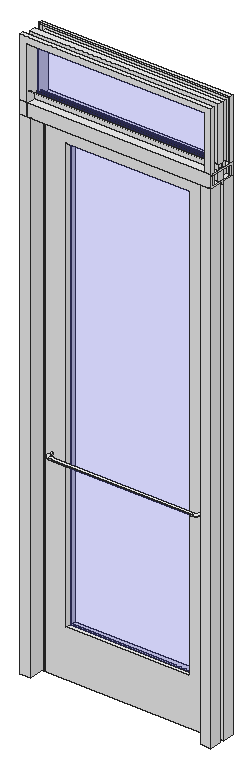
Revit family "kawneer-360_insulclad-sgl_tran-fr_20627", category Doors, host Wall, Revit 2015
Parameters
  Water - Static (ASTM E 331) = "product not tested"
  URL = "http://www.kawneer.com/kawneer/north_america/en/product.asp?prod_id=1821"
  Type of Glazing = "insulating"
  Type Comments = "Medium Stile Insulated Swing Door"
  Thermal Transmittance = "< 0.67 BTU/hr/sf/F"
  Sub Category3 = ""
  Sub Category2 = ""
  Sub Category1 = ""
  Sightline = 0"
  Short Description = "Medium Stile Insulated Swing Door"
  Product data url = "https://bimobject.com/kawneerna/product/20617"
  Panel Inserts Material = Glass
  Overall U-Factor = "product not tested"
  Model = "360 Insulclad®"
  Manufacturer Part Number = "360 Insulclad®"
  Manufacturer = "Kawneer"
  Keywords = "Entrance, Door, Swing Door, Thermally Broken"
  Hurricane Resistant Tested [instance] = "product not tested"
  Hinging Types = "Offset Pivot, Butt Hinge, Continuous Gear Hinge"
  Height = Door Panel Height + 12"  # 96"
  Wall Closure = By host
  Width = 32"
  Glazing Thickness = 0"
  Glass U-Factor = "product not tested"
  Glass Installtion = "outside"
  Glass Capture = "Captured"
  Function (Interior or Exterior) = "Exterior"
  Function = Interior
  Frame Material = Aluminum - ASTM B 221 - 6063-T6 alloy and temper
  Door Panel Width = Width - (1 1/8" * 2)  # 29 3/4"
  Door Panel Material = Aluminum - ASTM B 221 - 6063-T6 alloy and temper
  Door Panel Height = 84"
  Door Opening = Door Panel Width  # 29 3/4"
  Door Corner Construction = "Welded"
  Design Pressure = "n/a"
  Design Load = "n/a"
  Description = "The \"360 Insulclad\" is a narrow stile entrance door that is thermally broken and features the dual moment corner construction."
  Depth = 2"
  Color = "any"
  Cladding Type = "Aluminum - ASTM B 221 - 6063-T6 alloy and temper"
  CSI Masterformat Code = "08 41 13"
  Assembly Code = "B2030110"
  Application = "moderate traffic, thermal"
  Air Infiltration (ASTM E 283) = "< 0.50 cfm/ft2  @ 6.24 psf (300 Pa), Single Doors,"
  2-Color Option = "yes"
Reference planes
  plane 1 "Centre Wall": y = 0
  plane 2 "Center (Left/Right)": x = 0
  plane 3 "Left": x = -406.4
  plane 4 "Right": x = 406.4
  plane 5: z = 2438.4
  plane 6 "Exterior": y = 75
  plane 7 "Interior": y = -75
  plane 8: z = 2133.6
  plane 9: x = -355.6
  plane 10: x = 355.6
Forms (mm)
  Sweep 1, solid, material "Aluminum - ASTM B 221 - 6063-T6 alloy and temper" <- "Door Panel Material"
    path origin (0, 0, 50.8) x (1, 0, 0) y (0, 0, 1)
      loop
        line (406.4, 2133.6) -> (-406.4, 2133.6)
    profile "TLMidFrame : TLMidFrame" origin (0, 0, 2184.4) x (0, 0, -1) y (0, -1, 0)
      loop
        line (5, 52.15) -> (5, -52.15) -> (45.8, -52.15) -> (45.8, 52.15) -> (5, 52.15)
      loop
        arc (-13.041, -8.796) -> (-14.742, -11.787) -> (-17.973, -12.971) r 5
        line (-17.973, -12.971) -> (-17.973, -14.55) -> (0, -14.55) -> (0, -5.272)
        arc (0, -5.272) -> (-6.307, -7.826) -> (-13.041, -8.796) r 28.226
      loop
        arc (-17.973, 10.971) -> (-14.973, 7.971) -> (-17.973, 4.971) r 3
        line (-17.973, 4.971) -> (-17.973, 3)
        arc (-17.973, 3) -> (-14.756, 4.043) -> (-12.781, 6.788) r 5.429
        arc (-12.781, 6.788) -> (-6.143, 5.7) -> (0, 2.959) r 26.226
        line (0, 2.959) -> (0, -2.959)
        arc (0, -2.959) -> (-6.143, -5.7) -> (-12.781, -6.788) r 26.226
        arc (-12.781, -6.788) -> (-14.756, -4.043) -> (-17.973, -3) r 5.429
        line (-17.973, -3) -> (-17.973, -4.971)
        arc (-17.973, -4.971) -> (-14.973, -7.971) -> (-17.973, -10.971) r 3
        line (-17.973, -10.971) -> (-19.973, -10.971) -> (-19.973, -17.05) -> (0, -17.05) -> (0, -57.15) -> (50.8, -57.15) -> (50.8, -6.35) -> (60.8, -6.35) -> (60.8, -1.35) -> (50.8, -1.35) -> (50.8, 57.15) -> (0, 57.15) -> (0, 17.05) -> (-19.973, 17.05) -> (-19.973, 10.971) -> (-17.973, 10.971)
      loop
        arc (-17.973, 12.971) -> (-14.742, 11.787) -> (-13.041, 8.796) r 5
        arc (-13.041, 8.796) -> (-6.307, 7.826) -> (0, 5.272) r 28.226
        line (0, 5.272) -> (0, 14.55) -> (-17.973, 14.55) -> (-17.973, 12.971)
  Sweep 2, solid, material "Aluminum - ASTM B 221 - 6063-T6 alloy and temper" <- "Door Panel Material"
    path origin (0, 0, 0) x (1, 0, 0) y (0, 0, 1)
      loop
        line (-406.4, 2133.6) -> (-406.4, 2438.4) -> (406.4, 2438.4) -> (406.4, 2133.6)
    profile "TLTPFrame : TLTPFrame" origin (406.4, 0, 2286) x (1, 0, 0) y (0, -1, 0)
      loop
        line (-23.575, 11) -> (-23.575, 52.125) -> (-5, 52.125) -> (-5, 42.125) -> (0, 42.125) -> (0, 57.125) -> (-28.575, 57.125) -> (-28.575, 6) -> (-11.325, 6) -> (-11.325, -6) -> (-28.575, -6) -> (-28.575, -57.175) -> (0, -57.175) -> (0, -42.175) -> (-5, -42.175) -> (-5, -52.175) -> (-23.575, -52.175) -> (-23.575, -11) -> (-6.325, -11) -> (-6.325, 11) -> (-23.575, 11)
  Extrusion 3, solid, material "Glass" <- "Panel Inserts Material"
    sketch origin (0, 0, 0) x (1, 0, 0) y (0, 1, 0)
      loop
        line (-395.075, 6) -> (-395.075, -6) -> (395.075, -6) -> (395.075, 6) -> (-395.075, 6)
    from 2184.4 to 2427.075
  Sweep 4, solid, material "Aluminum - ASTM B 221 - 6063-T6 alloy and temper" <- "Frame Material"
    path origin (0, 0, 0) x (1, 0, 0) y (0, 0, 1)
      loop
        line (406.4, 2133.6) -> (406.4, 0)
    profile "TF450Frame : TF450Frame" origin (406.4, 0, 1066.8) x (1, 0, 0) y (0, -1, 0)
      loop
        line (-54.5, -13.375) -> (-44.5, -13.375) -> (-44.5, -57.175) -> (0, -57.175) -> (0, -12.125) -> (-17.25, -12.125) -> (-17.25, 12.125) -> (0, 12.125) -> (0, 57.125) -> (-44.5, 57.125) -> (-44.5, -8.375) -> (-54.5, -8.375) -> (-54.5, -13.375)
      loop
        line (-5, -17.125) -> (-22.25, -17.125) -> (-22.25, 17.125) -> (-5, 17.125) -> (-5, 52.125) -> (-39.5, 52.125) -> (-39.5, -52.175) -> (-5, -52.175) -> (-5, -17.125)
  Sweep 5, solid, material "Aluminum - ASTM B 221 - 6063-T6 alloy and temper" <- "Frame Material"
    path origin (0, 0, 0) x (-1, 0, 0) y (0, 0, 1)
      loop
        line (406.4, 2133.6) -> (406.4, 0)
    profile "TF450Frame : TF450Frame" origin (-406.4, 0, 1066.8) x (1, 0, 0) y (0, -1, 0)
      loop
        line (54.5, -13.375) -> (54.5, -8.375) -> (44.5, -8.375) -> (44.5, 57.125) -> (0, 57.125) -> (0, 12.125) -> (17.25, 12.125) -> (17.25, -12.125) -> (0, -12.125) -> (0, -57.175) -> (44.5, -57.175) -> (44.5, -13.375) -> (54.5, -13.375)
      loop
        line (5, -17.125) -> (5, -52.175) -> (39.5, -52.175) -> (39.5, 52.125) -> (5, 52.125) -> (5, 17.125) -> (22.25, 17.125) -> (22.25, -17.125) -> (5, -17.125)
Lines and regions (mm)
  Opening 1
    outline origin (-3050, -75, 0) x (1, 0, 0) y (0, 0, 1)
      loop
        line (2643.6, 0) -> (3456.4, 0) -> (3456.4, 2438.4) -> (2643.6, 2438.4) -> (2643.6, 0)
  symbolic lines
    curve 1: line (-355.6, 812.825, 0) -> (-304.8, 812.825, 0)
    curve 2: line (-355.6, 57.175, 0) -> (-355.6, 812.825, 0)
    curve 3: line (-304.8, 57.175, 0) -> (-355.6, 57.175, 0)
    curve 4: line (-304.8, 812.825, 0) -> (-304.8, 57.175, 0)
    curve 5: arc (-304.8, 812.825, 0) -> (180.43, 565.009, 0) -> (377.825, 57.175, 0) r 765.322
Text (mm)
  text "Exterior" at (-2295.016, 1099.543, 0), in view "Ref. Level"
  text "Exterior" at (0, 1615.38, 3698.081), in view "Left"
  text "Exterior" at (0, 1036.032, 3874.932), in view "Right"
Dimensions and locks
  equal spacing: plane 3 "Left", plane 2 "Center (Left/Right)", plane 4 "Right"
  "Width": plane 3 "Left" to plane 4 "Right"
  "Height": plane 5 to host wall
  host wall to plane 5 = 96"
  "Door Panel Height": host wall to plane 8
  locked: plane 6 "Exterior" to host wall at 0
  locked: plane 7 "Interior" to host wall
  plane 3 "Left" to plane 9 = 2"
  locked: plane 10 to plane 4 "Right" at 50.8
  "Depth": curve 2 to curve 4
  "Door Panel Width": curve 1 to nested 1
  aligned and locked: plane 3 "Left" to Opening 1 sketch curve
  aligned and locked: plane 5 to Opening 1 sketch curve  (x2)
  aligned and locked: Opening 1 sketch curve to plane 4 "Right"
  aligned and locked: Opening 1 sketch curve to level
  aligned and locked: plane 1 "Centre Wall" to host wall
  aligned and locked: Sweep 1 to plane 8
  aligned and locked: nested 1 to plane 2 "Center (Left/Right)"
  aligned and locked: plane 4 "Right" to Sweep 2 sketch curve
  aligned and locked: plane 3 "Left" to Sweep 2 sketch curve
  aligned and locked: plane 5 to Sweep 2 sketch curve
  aligned and locked: Extrusion 3 sketch curve to Sweep 2  (x4)
  aligned and locked: Extrusion 3 to Sweep 2
  aligned and locked: Extrusion 3 to Sweep 1
  aligned and locked: plane 9 to curve 2
  aligned and locked: Sweep 2 to curve 3
  aligned and locked: curve 1 to curve 5
  aligned and locked: Sweep 2 to curve 5
  aligned and locked: curve 5 to Sweep 2
  aligned and locked: plane 4 "Right" to Sweep 1 sketch curve
  aligned and locked: plane 3 "Left" to Sweep 1 sketch curve
  aligned and locked: plane 8 to Sweep 2 sketch curve  (x2)
  aligned and locked: plane 8 to Sweep 4 sketch curve
  aligned and locked: Sweep 4 sketch curve to plane 4 "Right"
  aligned and locked: level to Sweep 4 sketch curve
  aligned and locked: plane 8 to Sweep 5 sketch curve
  aligned and locked: level to Sweep 5 sketch curve
  aligned and locked: Sweep 5 sketch curve to plane 3 "Left"
Automatic sketch dimensions
  plane 8 to Sweep 1 sketch curve = 2"
  curve 1 to plane 9 = 0"
  curve 5 to plane 3 "Left" = 0.74491"
Nested families
  nested 1: "Kawneer-360_Insulclad-Sgl" at (-310.356, -18.225, 0) x (-1, 0, 0) z (0, 0, 1), type "Kawneer-360_Insulclad-Sgl"
    with Width 29 3/4", Door Handle Width 25 1/4"
Definition of nested family "Kawneer-360_Insulclad-Sgl"
  Parameters
    Width = 32"
    Water - static (ASTM E 331) = ""
    Type of Glazing = ""
    Thermal transmittance = ""
    Sub Category3 = ""
    Sub Category2 = ""
    Sub Category1 = ""
    Short Description = ""
    Performance standards = ""
    Panel Inserts Material = none
    Overall U-Factor = ""
    Mfr Part Num = ""
    Manufacturer = "Kawneer"
    Keywords = ""
    Hurricane Resistant Tested = ""
    Hinging Types = ""
    Height = 84"
    Glass capture = ""
    Glass U-Factor = ""
    Glass Installtion = ""
    Function (Interior or Exterior) = ""
    Door Panel Material = none
    Door Hangle Material = none
    Door Hangle Height = 33 25/256"
    Door Handle Width = Width - (2 1/4" * 2)  # 27 1/2"
    Door Corner Construction = ""
    Design load = ""
    Design Pressure = ""
    Depth = 2"
    Color = ""
    Cladding Type = ""
    CSI Mastformat Code = ""
    Assembly Code = "B2030110"
    Application = ""
    Air Infiltration (ASTM E 283) = ""
    2-Color Option = ""
  Reference planes
    plane 1 "Center (Front/Back)": y = -50
    plane 2: z = 0
    plane 3 "Center (Left/Right)": x = -310.356
    plane 4: x = -716.756
    plane 5: x = 96.044
    plane 6: y = -24.6
    plane 7: y = -75.4
    plane 8: z = 2133.6
    plane 9: z = 840.68
    plane 10: x = -602.456
    plane 11: x = -18.256
    plane 12: x = -659.606
  Forms (mm)
    Extrusion 1, solid, material <- "Panel Inserts Material"
      sketch origin (0, 0, 0) x (1, 0, 0) y (0, 1, 0)
        loop
          line (-607.417, -44.582) -> (-607.417, -55.418) -> (-13.295, -55.418) -> (-13.295, -44.582) -> (-607.417, -44.582)
      from 193.039 to 2049.661
    Sweep 2, solid, material <- "Door Panel Material"
      path origin (0, -50, 0) x (1, 0, 0) y (0, 0, 1)
        loop
          line (-716.756, 2133.6) -> (-716.756, 0)
      profile "IC360 Side : IC360 Side" origin (-716.756, -50, 1066.8) x (1, 0, 0) y (0, -1, 0)
        loop
          line (83.9, -20.4) -> (83.9, 20.439) -> (4.961, 20.439) -> (4.961, -20.4) -> (83.9, -20.4)
        loop
          line (114.3, 25.4) -> (0, 25.4) -> (0, -25.4) -> (114.3, -25.4) -> (114.3, -5.418) -> (109.339, -5.418) -> (109.339, -20.4) -> (88.9, -20.4) -> (88.9, 20.4) -> (109.339, 20.4) -> (109.339, 5.418) -> (114.3, 5.418) -> (114.3, 25.4)
    Sweep 3, solid, material <- "Door Panel Material"
      path origin (0, -50, 0) x (1, 0, 0) y (0, 0, 1)
        loop
          line (96.044, 2133.6) -> (96.044, 0)
      profile "IC360 Side : IC360 Side" origin (96.044, -50, 1066.8) x (1, 0, 0) y (0, -1, 0)
        loop
          line (-83.9, 20.4) -> (-83.9, -20.439) -> (-4.961, -20.439) -> (-4.961, 20.4) -> (-83.9, 20.4)
        loop
          line (-114.3, -25.4) -> (0, -25.4) -> (0, 25.4) -> (-114.3, 25.4) -> (-114.3, 5.418) -> (-109.339, 5.418) -> (-109.339, 20.4) -> (-88.9, 20.4) -> (-88.9, -20.4) -> (-109.339, -20.4) -> (-109.339, -5.418) -> (-114.3, -5.418) -> (-114.3, -25.4)
    Sweep 4, solid, material <- "Door Panel Material"
      path origin (0, -50, 0) x (1, 0, 0) y (0, 0, 1)
        loop
          line (-602.456, 2133.6) -> (-18.256, 2133.6)
      profile "IC360 Top : IC360 Top" origin (-310.356, -50, 2133.6) x (0, 0, 1) y (0, -1, 0)
        loop
          line (-51, 20.4) -> (-51, -20.439) -> (-15, -20.439) -> (-15, 20.4) -> (-51, 20.4)
        loop
          line (-56, -20.4) -> (-83.939, -20.4) -> (-83.939, -5.418) -> (-88.9, -5.418) -> (-88.9, -25.4) -> (0, -25.4) -> (0, -20.4) -> (-10, -20.4) -> (-10, 20.4) -> (0, 20.4) -> (0, 25.4) -> (-88.9, 25.4) -> (-88.9, 5.418) -> (-83.939, 5.418) -> (-83.939, 20.4) -> (-56, 20.4) -> (-56, -20.4)
    Sweep 5, solid, material <- "Door Panel Material"
      path origin (0, -50, 0) x (1, 0, 0) y (0, 0, 1)
        loop
          line (-602.456, 0) -> (-18.256, 0)
      profile "IC360 Bottom : IC360 Bottom" origin (-310.356, -50, 0) x (0, 0, 1) y (0, -1, 0)
        loop
          line (160.1, -20.4) -> (160.1, 20.439) -> (15, 20.439) -> (15, -20.4) -> (160.1, -20.4)
        loop
          line (165.1, 20.4) -> (193.039, 20.4) -> (193.039, 5.418) -> (198, 5.418) -> (198, 25.4) -> (0, 25.4) -> (0, 20.4) -> (10, 20.4) -> (10, -20.4) -> (0, -20.4) -> (0, -25.4) -> (198, -25.4) -> (198, -5.418) -> (193.039, -5.418) -> (193.039, -20.4) -> (165.1, -20.4) -> (165.1, 20.4)
  Cuts and joins
    joined: Sweep 2, Sweep 3, Sweep 4, Sweep 5
  Dimensions and locks
    equal spacing: plane 4, plane 3 "Center (Left/Right)", plane 5
    equal spacing: plane 6, plane 1 "Center (Front/Back)", plane 7
    "Depth": plane 6 to plane 7
    "Width": plane 4 to plane 5
    "Height": plane 8 to level
    "Door Hangle Height": plane 9 to level
    locked: plane 4 to plane 10 at 114.3
    locked: plane 11 to plane 5 at 114.3
    locked: plane 4 to plane 12 at 57.15
    aligned and locked: plane 7 to nested 1
    aligned and locked: plane 9 to nested 1
    aligned and locked: nested 2 to plane 6
    aligned and locked: nested 2 to plane 9
    aligned and locked: plane 12 to nested 1
    aligned and locked: plane 8 to Sweep 2 sketch curve
    aligned and locked: level to Sweep 2 sketch curve
    aligned and locked: plane 8 to Sweep 3 sketch curve
    aligned and locked: level to Sweep 3 sketch curve
    aligned and locked: plane 10 to Sweep 2
    aligned and locked: plane 11 to Sweep 3
    aligned and locked: plane 11 to Sweep 4 sketch curve
    aligned and locked: plane 10 to Sweep 4 sketch curve
    aligned and locked: Extrusion 1 to cut or joined group of Sweep 2, Sweep 3, Sweep 4, Sweep 5
    aligned and locked: plane 10 to Sweep 5 sketch curve
    aligned and locked: plane 11 to Sweep 5 sketch curve
    aligned and locked: Sweep 5 to Extrusion 1
  Automatic sketch dimensions
    Extrusion 1 sketch curve to plane 10 = 25/128"
    plane 1 "Center (Front/Back)" to Extrusion 1 sketch curve = 0.21331"
    Extrusion 1 sketch curve to plane 1 "Center (Front/Back)" = 0.21331"
    Extrusion 1 sketch curve to plane 11 = 25/128"
    Sweep 2 sketch curve to plane 4 = 0"
    Sweep 3 sketch curve to plane 5 = 0"
    Sweep 4 sketch curve to plane 8 = 0"
    Sweep 5 sketch curve to level = 0"
  Nested families
    nested 1: "Style CO 9 Pull" at (-697.641, -75.4, 612.08), type "Style CO 9 Pull"
    nested 2: "Style CP II Push Bar" at (-260.356, -24.6, 840.68), type "Style CP II Push Bar"
      with Width 27 1/2"
  Definition of nested family "Style CO 9 Pull"
    Parameters
      Width = 1.1811"
      Height = 9"
      Hangle Material = none
      Depth = 1.1811"
    Reference planes
      plane 1 "Center (Front/Back)": y = 0
      plane 2: z = 0
      plane 3 "Center (Left/Right)": x = 53.034
      plane 4: y = -30
      plane 5: x = 38.034
      plane 6: x = 68.034
      plane 7: x = 46.034
      plane 8 "Top": z = 228.6
      plane 9: x = 60.034
      plane 10: z = 220.6
      plane 11: z = 8
    Forms (mm)
      Sweep 1, solid, material <- "Hangle Material"
        path origin (0, 0, 0) x (1, 0, 0) y (0, 1, 0)
          loop
            line (38.034, 0) -> (38.034, -23)
            arc (38.034, -23) -> (40.085, -27.95) -> (45.034, -30) r 7
            line (45.034, -30) -> (60.034, -30)
        profile origin (38.034, -11.5, 0) x (1, 0, 0) y (0, 0, 1)
          loop
            circle (0, 0) r 5
      Sweep 2, solid, material <- "Hangle Material"
        path origin (0, 0, 228.6) x (-1, 0, 0) y (0, -1, 0)
          loop
            line (-38.034, 0) -> (-38.034, 23)
            arc (-38.034, 23) -> (-40.085, 27.95) -> (-45.034, 30) r 7
            line (-45.034, 30) -> (-60.034, 30)
        profile origin (38.034, -11.5, 228.6) x (1, 0, 0) y (0, 0, 1)
          loop
            circle (0, 0) r 5
      Sweep 3, solid, material <- "Hangle Material"
        path origin (-1540.712, -30, 1200) x (-1, 0, 0) y (0, 0, 1)
          loop
            arc (-1600.747, -1200) -> (-1606.404, -1197.657) -> (-1608.747, -1192) r 8
            line (-1608.747, -1192) -> (-1608.747, -979.4)
            arc (-1608.747, -979.4) -> (-1606.404, -973.743) -> (-1600.747, -971.4) r 8
        profile origin (68.034, -30, 114.3) x (1, 0, 0) y (0, 1, 0)
          loop
            circle (0, 0) r 5
    Cuts and joins
      joined: Sweep 1, Sweep 2, Sweep 3
    Dimensions and locks
      "Depth": plane 4 to plane 1 "Center (Front/Back)"
      equal spacing: plane 5, plane 3 "Center (Left/Right)", plane 6
      locked: plane 5 to plane 7 at 8
      "Width": plane 5 to plane 6
      "Height": plane 8 "Top" to level
      locked: plane 9 to plane 6 at 8
      locked: level to plane 11 at 8
      locked: plane 10 to plane 8 "Top" at 8
      aligned and locked: Sweep 1 sketch curve to plane 5
      aligned and locked: Sweep 1 sketch curve to plane 4
      aligned and locked: plane 1 "Center (Front/Back)" to Sweep 1 sketch curve
      aligned and locked: plane 9 to Sweep 1 sketch curve
      aligned and locked: Sweep 2 sketch curve to plane 5
      aligned and locked: Sweep 2 sketch curve to plane 4
      aligned and locked: plane 1 "Center (Front/Back)" to Sweep 2 sketch curve
      aligned and locked: plane 9 to Sweep 2 sketch curve
      aligned and locked: plane 6 to Sweep 3 sketch curve  (x2)
      aligned and locked: plane 10 to Sweep 3 sketch curve
      aligned and locked: plane 11 to Sweep 3 sketch curve
      aligned and locked: plane 9 to Sweep 3 sketch curve  (x2)
      aligned and locked: plane 8 "Top" to Sweep 3 sketch curve
      aligned and locked: level to Sweep 3 sketch curve
      aligned and locked: plane 4 to Sweep 3 sketch curve
    Automatic sketch dimensions
      Sweep 1 sketch curve to plane 7 = 0.03937"
      Sweep 1 sketch curve to level = 0"
      Sweep 1 sketch curve to profile plane = 0"
      Sweep 2 sketch curve to plane 7 = 0.03937"
      Sweep 2 sketch curve to plane 8 "Top" = 0"
      Sweep 2 sketch curve to profile plane = 0"
      radius of Sweep 1 sketch curve = 0.19685"
      radius of Sweep 2 sketch curve = 0.19685"
      radius of Sweep 3 sketch curve = 0.19685"
  Definition of nested family "Style CP II Push Bar"
    Parameters
      Width = 28"
      Hangle Material = none
      Depth = 1.1811"
    Reference planes
      plane 1 "Center (Front/Back)": y = 0
      plane 2: z = 0
      plane 3 "Center (Left/Right)": x = -50
      plane 4: x = -405.6
      plane 5: x = 305.6
      plane 6: y = -30
      plane 7: z = 0
    Forms (mm)
      Sweep 1, solid, material <- "Hangle Material"
        path origin (0, 0, 0) x (1, 0, 0) y (0, 1, 0)
          loop
            line (-405.6, 0) -> (-405.6, -15)
            arc (-405.6, -15) -> (-401.207, -25.607) -> (-390.6, -30) r 15
            line (-390.6, -30) -> (290.6, -30)
            arc (290.6, -30) -> (301.207, -25.607) -> (305.6, -15) r 15
            line (305.6, -15) -> (305.6, 0)
        profile origin (-50, -30, 0) x (0, 1, 0) y (0, 0, 1)
          loop
            circle (0, 0) r 5
    Dimensions and locks
      "Depth": plane 6 to plane 1 "Center (Front/Back)"
      equal spacing: plane 4, plane 3 "Center (Left/Right)", plane 5
      "Width": plane 4 to plane 5
      aligned and locked: Sweep 1 sketch curve to plane 5
      aligned and locked: plane 1 "Center (Front/Back)" to Sweep 1 sketch curve  (x2)
      aligned and locked: Sweep 1 sketch curve to plane 4
      aligned and locked: level to plane 7
    Automatic sketch dimensions
      Sweep 1 sketch curve to level = 0"
      Sweep 1 sketch curve to profile plane = 0"
      Sweep 1 sketch curve to plane 6 = 0"
      plane 4 to Sweep 1 sketch curve = 0.59055"
      plane 1 "Center (Front/Back)" to Sweep 1 sketch curve = 0.59055"
      radius of Sweep 1 sketch curve = 0.19685"
